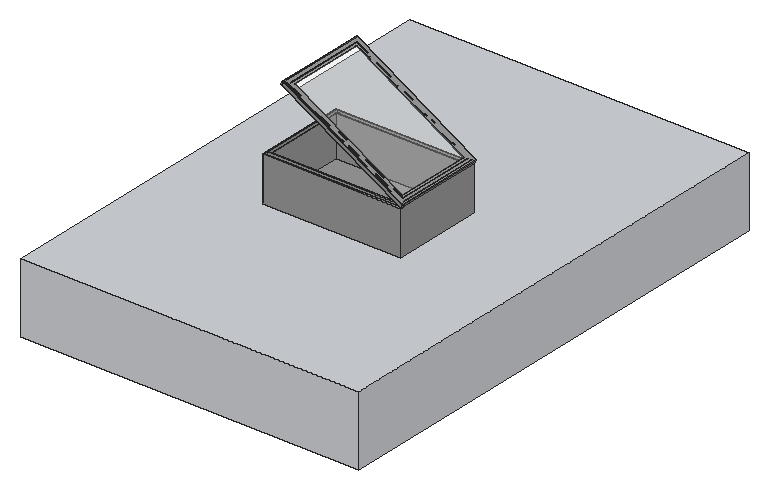
Revit family "Hager-Orion_Inox-IP66-D210-Cl.I-Inox_encl-630A-400mm-CH-fr", category Equipement électrique, Revit 2020
Family settings
  Hôte = Face
  Configuration du panneau = Deux colonnes, circuits au sein
  Cote de connecteur circulaire = Utiliser le diamètre
  Type d'élément = Tableau de raccordement
  Couper avec des vides une fois chargée = Non
  Partagée = Non
  Point de calcul de pièce = Non
Parameters (values of type "saillie IP66 L600 H400 P210  - FL017TWL")
  Width Control [instance] = if([EF000008 - largeur] > Min Width, [EF000008 - largeur], Min Width)  # 600 mm
  Commentaires du type = [HG000003 - Gamme]  # "Orion Inox"
  Thickness Door [instance] = if([EF009171 - épaisseur de matériau de la porte/du couvercle] > 3 mm, 3 mm, [EF009171 - épaisseur de matériau de la porte/du couvercle])  # 1.5 mm
  Seal Frame Offset [instance] = 17 mm  # constant formula
  Model = ""
  Min Width [instance] = 100 mm  # constant formula
  Min Height [instance] = 100 mm  # constant formula
  Min Depth [instance] = (2 * [EF009170 - épaisseur de matériau du boîtier]) + 1 mm  # 4 mm
  Internal Frame Depth [instance] = (Door System Depth * 0.5)  # 9 mm
  Height Control [instance] = if([EF000040 - hauteur] > Min Height, [EF000040 - hauteur], Min Height)  # 400 mm
  HG000027 - Hauteur du socle = 0 mm
  HG000026 - Installation au sol = no
  HG000024 - Hauteur de la section basse = 800 mm
  HG000023 - Armoire double section = no
  HG000016 - Visibilité de la porte 3D [instance] = yes
  HG000015 - Visibilité de l'emprise de la porte [instance] = no
  HG000014 - Porte à droite [instance] = yes
  HG000013 - Porte à gauche [instance] = not([HG000014 - Porte à droite])  # no
  HG000012 - Angle de pivotement de la porte [instance] = 30.00°
  HG000010 - Portes asymétriques = no
  HG000009 - Porte à double battant = no
  HG000006 - Encastré = no
  HG000004 - Référence fabricant = "FL017TWL"
  HG000003 - Gamme = "Orion Inox"
  HG000002 - avec porte = yes
  Frame Offset Bottom [instance] = 10 mm  # constant formula
  Frame Offset [instance] = 15 mm  # constant formula
  EF015940 - couvercle avec décharge de pression = no
  EF011959 - degré de protection (NEMA) = ""
  EF009554 - nombre d'ouvertures pour plaques à bride = 0
  Fabricant = "Hager"  # constant formula
  EF009212 - finition du couvercle = "EV000116 - fermé"
  EF009171 - épaisseur de matériau de la porte/du couvercle = 1.5 mm
  EF009170 - épaisseur de matériau du boîtier = 1.5 mm
  EF008873 - courant nominal (In) = 630 A
  EF007800 - adapté à un parafoudre = no
  EF006306 - avec serrure = yes
  EF006244 - couvercle/porte transparent(e) = yes
  EF005474 - indice de protection (IP) = "EV006422 - IP66"
  EF004464 - type de porte = "EV002646 - unique"
  EF004427 - nombre de modules = 0
  EF004293 - indice de protection contre les chocs (IK) = "EV006814 - IK08"
  EF003532 - convient pour utilisation à l’extérieur = yes
  EF002950 - largeur en nombre de modules = 0
  EF001613 - maintien de fonction = "EV000494 - sans"
  EF001596 - matériau du boîtier/corps = "EV000166 - acier inoxydable"
  EF001131 - profondeur intérieure = 176 mm
  EF001088 - possibilité de montage en saillie = yes
  EF000437 - nombre d'entrées de conduit = 0
  EF000339 - type de capot = "EV004216 - porte"
  EF000266 - nombre de rangées = 0
  EF000218 - profondeur d'encastrement = 0 mm
  EF000118 - avec cadre/support de montage = no
  EF000116 - numéro RAL = ""
  EF000049 - profondeur = 210 mm
  EF000040 - hauteur = 400 mm
  EF000008 - largeur = 600 mm
  EF000007 - couleur = "EV000154 - autre"
  EF000003 - mode de pose = "EV000384 - saillie"
  Door System Leaf Tolerance [instance] = 1.5 mm  # constant formula
  Door System Depth [instance] = 18 mm  # constant formula
  Depth Control [instance] = if([EF000049 - profondeur] > Min Depth, [EF000049 - profondeur], Min Depth)  # 210 mm
  Default Elevation = 0 mm
Types (12, lengths in mm): name | Width Control | HG000004 - Référence fabricant | EF009212 - finition du couvercle | EF006306 - avec serrure | EF006244 - couvercle/porte transparent(e) | EF004293 - indice de protection contre les chocs (IK) | EF001613 - maintien de fonction | EF000008 - largeur
  saillie IP66 L300 H400 P210  - FL015BW | 300 | "FL015BW" | "EV000116 - fermé" | yes | no | "EV008784 - IK10" | "EV000494 - sans" | 300
  saillie IP66 L300 H400 P210  - FL015BWL | 300 | "FL015BWL" | "EV000116 - fermé" | yes | no | "EV008784 - IK10" | "EV000494 - sans" | 300
  saillie IP66 L300 H400 P210  - FL015TW | 300 | "FL015TW" | "EV000116 - fermé" | yes | yes | "EV006814 - IK08" | "EV000494 - sans" | 300
  saillie IP66 L300 H400 P210  - FL015TWL | 300 | "FL015TWL" | "EV000116 - fermé" | yes | yes | "EV006814 - IK08" | "EV000494 - sans" | 300
  saillie IP66 L400 H400 P210  - FL016BW | 400 | "FL016BW" | "EV009916 - avec échancrure" | no | no | "EV008784 - IK10" | "" | 400
  saillie IP66 L400 H400 P210  - FL016BWL | 400 | "FL016BWL" | "EV009916 - avec échancrure" | no | no | "EV008784 - IK10" | "" | 400
  saillie IP66 L400 H400 P210  - FL016TW | 400 | "FL016TW" | "EV000116 - fermé" | yes | yes | "EV006814 - IK08" | "EV000494 - sans" | 400
  saillie IP66 L400 H400 P210  - FL016TWL | 400 | "FL016TWL" | "EV000116 - fermé" | yes | yes | "EV006814 - IK08" | "EV000494 - sans" | 400
  saillie IP66 L600 H400 P210  - FL017BW | 600 | "FL017BW" | "EV000116 - fermé" | yes | no | "EV008784 - IK10" | "EV000494 - sans" | 600
  saillie IP66 L600 H400 P210  - FL017BWL | 600 | "FL017BWL" | "EV000116 - fermé" | yes | no | "EV008784 - IK10" | "EV000494 - sans" | 600
  saillie IP66 L600 H400 P210  - FL017TW | 600 | "FL017TW" | "EV000116 - fermé" | yes | yes | "EV006814 - IK08" | "EV000494 - sans" | 600
  saillie IP66 L600 H400 P210  - FL017TWL | 600 | "FL017TWL" | "EV000116 - fermé" | yes | yes | "EV006814 - IK08" | "EV000494 - sans" | 600
Reference planes
  plane 1 "Center (Front/Back)": y = 0
  plane 2: z = 0
  plane 3 "Center (Left/Right)": x = 0
  plane 4: z = 210
  plane 5: y = 1.5
  plane 6: y = 200
  plane 7: y = 0
  plane 8: y = 400
  plane 9: z = 0
  plane 10: x = -285
  plane 11: x = 285
  plane 12: x = 283.5
  plane 13: x = -283.5
  plane 14: y = 398.5
  plane 15: x = -283
  plane 16: x = -300
  plane 17: x = 283
  plane 18: x = 300
  plane 19: x = 298.5
  plane 20: x = -298.5
  plane 21: y = 11.5
  plane 22: y = 400
  plane 23: y = 383.5
  plane 24: z = 192
  plane 25: z = 1.5
  plane 26: z = 190.5
  plane 27: z = 208.5
Forms (mm)
  Extrusion 1, solid
    sketch origin (0, 0, 0) x (1, 0, 0) y (0, 1, 0)
      loop
        line (-702.964, 1305) -> (-702.964, -811.445) -> (766.763, -811.445) -> (766.763, 1305) -> (-702.964, 1305)
    from 0 to -304.8
  Extrusion 2, solid, material "Hager_Stainless_Steel", detail levels medium+fine
    sketch origin (0, 0, 0) x (1, 0, 0) y (0, 1, 0)
      loop
        line (-300, 0) -> (300, 0) -> (300, 400) -> (-300, 400) -> (-300, 0)
    from 0 to 192
  Extrusion 3, solid, material "Hager_Steel_RAL 7035_Light_Grey", not visible, detail levels medium+fine
    sketch origin (0, 28.16, 50.802) x (0, 1, 0) y (0, 0, 1)
      loop
        line (223.34, -50.802) -> (223.34, 147.698)
        arc (223.34, 147.698) -> (220.411, 154.769) -> (213.34, 157.698) r 10
        line (213.34, 157.698) -> (183.34, 157.698) -> (183.34, -50.802) -> (223.34, -50.802)
    from -298.5 to 298.5
  Extrusion 4, void
    sketch origin (0, 0, 0) x (1, 0, 0) y (0, 1, 0)
      loop
        line (-298.5, 1.5) -> (298.5, 1.5) -> (298.5, 398.5) -> (-298.5, 398.5) -> (-298.5, 1.5)
    from 1.5 to 190.5
  Extrusion 5, void
    sketch origin (-381.607, -4572, 192) x (0, -1, 0) y (-1, 0, 0)
      loop
        line (-4583.5, -98.107) -> (-4955.5, -98.107) -> (-4955.5, -665.107) -> (-4583.5, -665.107) -> (-4583.5, -98.107)
    from 0 to 1.5 <- "EF009170 - épaisseur de matériau du boîtier"
  Extrusion 6, solid, material "Hager_Stainless_Steel", detail levels fine
    sketch origin (-381.607, -4572, 192) x (-1, 0, 0) y (0, -1, 0)
      loop
        line (-98.107, -4583.5) -> (-665.107, -4583.5) -> (-665.107, -4955.5) -> (-98.107, -4955.5) -> (-98.107, -4583.5)
      loop
        line (-97.107, -4582) -> (-666.107, -4582) -> (-666.107, -4957) -> (-97.107, -4957) -> (-97.107, -4582)
    from 0 to 9 <- "Internal Frame Depth"
  Extrusion 7, solid, material "Hager_Stainless_Steel", detail levels coarse
    sketch origin (0, 0, 0) x (1, 0, 0) y (0, 1, 0)
      loop
        line (-300, 0) -> (300, 0) -> (300, 400) -> (-300, 400) -> (-300, 0)
    from 0 to 210
Cuts and joins
  Extrusion 4, Extrusion 5 cuts Extrusion 2
Lines and regions (mm)
  Masking region 1
    outline origin (0, 0, 0) x (1, 0, 0) y (0, 0, 1)
      loop
        line (-300, 210) -> (-300, 0) -> (300, 0) -> (300, 210) -> (-300, 210)
  Masking region 2, detail levels medium+fine
    outline origin (0, 140, 0) x (0, 1, 0) y (0, 0, 1)
      loop
        line (-140, 0) -> (260, 0) -> (260, 192) -> (-140, 192) -> (-140, 0)
  Masking region 3, not visible, detail levels medium+fine
    outline origin (0, 297.922, 0) x (0, 1, 0) y (0, 0, 1)
      loop
        line (-86.422, 0) -> (-46.422, 0) -> (-46.422, 198.5)
        arc (-46.422, 198.5) -> (-49.351, 205.571) -> (-56.422, 208.5) r 10
        line (-56.422, 208.5) -> (-86.422, 208.5) -> (-86.422, 0)
  Masking region 4, detail levels coarse
    outline origin (0, 0, 180) x (0, 1, 0) y (0, 0, 1)
      loop
        line (0, -180) -> (400, -180) -> (400, 30) -> (0, 30) -> (0, -180)
  Masking region 5
    outline origin (-381.607, -4572, 192) x (-1, 0, 0) y (0, -1, 0)
      loop
        line (-81.607, -4972) -> (-81.607, -4572) -> (-681.607, -4572) -> (-681.607, -4972) -> (-81.607, -4972)
Dimensions and locks
  "Depth Control": plane 4 to Extrusion 1
  "EF009170 - épaisseur de matériau du boîtier": plane 5 to plane 7
  locked: connector elem to plane 3 "Center (Left/Right)"
  equal spacing: plane 8, plane 6, plane 7
  locked: connector elem to plane 6
  "EF009170 - épaisseur de matériau du boîtier": plane 8 to plane 14
  "EF009170 - épaisseur de matériau du boîtier": plane 10 to plane 13
  "EF009170 - épaisseur de matériau du boîtier": plane 12 to plane 11
  "Frame Offset": plane 20 to plane 13
  "Frame Offset": plane 12 to plane 19
  "EF009170 - épaisseur de matériau du boîtier": plane 16 to plane 20
  "EF009170 - épaisseur de matériau du boîtier": plane 19 to plane 18
  "Seal Frame Offset": plane 16 to plane 15
  "Seal Frame Offset": plane 17 to plane 18
  "Frame Offset Bottom": plane 21 to plane 5
  "Frame Offset": plane 14 to plane 23
  equal spacing: plane 16, plane 3 "Center (Left/Right)", plane 18
  "Width Control": plane 16 to plane 18
  "EF009170 - épaisseur de matériau du boîtier": plane 4 to plane 27
  "EF009170 - épaisseur de matériau du boîtier": plane 24 to plane 26
  "EF009170 - épaisseur de matériau du boîtier": plane 25 to level
  "Door System Depth": plane 4 to plane 24
  "Height Control": plane 1 "Center (Front/Back)" to Extrusion 7 sketch curve
  "Height Control": Masking region 4 sketch curve to plane 1 "Center (Front/Back)"
  "Thickness Door": Extrusion 6 sketch curve to plane 15
  "Thickness Door": plane 21 to Extrusion 6 sketch curve
  "Thickness Door": plane 17 to Extrusion 6 sketch curve
  "Thickness Door": Extrusion 6 sketch curve to plane 23
  "Height Control": plane 1 "Center (Front/Back)" to plane 22
  radius of Masking region 3 sketch curve = 10 mm
  radius of Extrusion 3 sketch curve = 10 mm
  aligned and locked: plane 2 to Extrusion 1
  aligned and locked: level to Extrusion 1
  aligned and locked: level to Masking region 1 sketch curve
  aligned and locked: Masking region 1 sketch curve to plane 18
  aligned and locked: Masking region 1 sketch curve to plane 16
  aligned and locked: plane 7 to Masking region 2 sketch curve
  aligned and locked: level to Masking region 3 sketch curve
  aligned and locked: Masking region 3 sketch curve to plane 27
  aligned and locked: level to Masking region 2 sketch curve
  aligned and locked: Extrusion 2 sketch curve to plane 7
  aligned and locked: plane 16 to Extrusion 2 sketch curve
  aligned and locked: plane 18 to Extrusion 2 sketch curve
  aligned and locked: Extrusion 3 sketch curve to level
  aligned and locked: plane 27 to Extrusion 3 sketch curve
  aligned and locked: plane 20 to Extrusion 3
  aligned and locked: plane 19 to Extrusion 3
  aligned and locked: plane 20 to Extrusion 4 sketch curve
  aligned and locked: plane 19 to Extrusion 4 sketch curve
  aligned and locked: Extrusion 4 sketch curve to plane 5
  aligned and locked: Extrusion 4 to plane 25
  aligned and locked: plane 26 to Extrusion 4
  aligned and locked: plane 24 to Extrusion 2
  aligned and locked: Extrusion 5 sketch curve to plane 21
  aligned and locked: Extrusion 5 sketch curve to plane 13
  aligned and locked: Extrusion 5 sketch curve to plane 12
  aligned and locked: plane 18 to Extrusion 7 sketch curve
  aligned and locked: plane 1 "Center (Front/Back)" to Extrusion 7 sketch curve
  aligned and locked: plane 16 to Extrusion 7 sketch curve
  aligned and locked: plane 4 to Extrusion 7
  aligned and locked: Extrusion 7 to level
  aligned and locked: level to Masking region 4 sketch curve
  aligned and locked: Masking region 4 sketch curve to plane 1 "Center (Front/Back)"
  aligned and locked: Masking region 4 sketch curve to plane 4
  aligned and locked: nested 1 to level
  aligned and locked: nested 1 to plane 16
  aligned and locked: plane 8 to Extrusion 2 sketch curve
  aligned and locked: plane 23 to Extrusion 5 sketch curve
  aligned and locked: plane 14 to Extrusion 4 sketch curve
  aligned and locked: Extrusion 6 sketch curve to plane 21
  aligned and locked: plane 13 to Extrusion 6 sketch curve
  aligned and locked: plane 23 to Extrusion 6 sketch curve
  aligned and locked: plane 12 to Extrusion 6 sketch curve
  aligned and locked: Masking region 2 sketch curve to plane 8
  aligned and locked: Masking region 2 sketch curve to plane 24
  aligned and locked: nested 2 to plane 3 "Center (Left/Right)"
  aligned and locked: nested 2 to plane 24
  aligned and locked: Masking region 5 sketch curve to plane 1 "Center (Front/Back)"
  aligned and locked: Masking region 5 sketch curve to plane 18
  aligned and locked: Masking region 5 sketch curve to plane 22
  aligned and locked: Masking region 5 sketch curve to plane 16
  aligned and locked: plane 8 to plane 22
  aligned and locked: plane 7 to plane 1 "Center (Front/Back)"
  aligned and locked: nested 2 to plane 1 "Center (Front/Back)"
Automatic sketch dimensions
  Extrusion 1 sketch curve to Extrusion 1 sketch curve = 1469.727 mm
  Extrusion 1 sketch curve to Extrusion 1 sketch curve = 2116.445 mm
  plane 6 to Masking region 3 sketch curve = 11.5 mm
  Masking region 3 sketch curve to Masking region 3 sketch curve = 30 mm
  plane 6 to Extrusion 3 sketch curve = 11.5 mm
  Extrusion 3 sketch curve to Extrusion 3 sketch curve = 30 mm
  Masking region 1 sketch curve to plane 4 = 0 mm
Nested families
  nested 1: "Hager_Enclosure_Symbol" at (-300, 0, 0) x (1, 0, 0) z (0, -1, 0), Height <- "Depth Control", Width <- "Width Control", type "Hager_Enclosure_Symbol"
    with Width_Ctrl 600 mm, Width 600 mm, Height_Ctrl 210 mm, Height 210 mm, A_Width_Int 13.781 mm, A_Width 165.375 mm, A_Height_Ctrl 183.75 mm, A_Height 183.75 mm
  nested 2: "EC000058_OrionInox_Door" at (0, 400, 192) x (1, 0, 0) z (0, -1, 0), Leaf_Tolerance <- "Door System Leaf Tolerance", Angle <- "HG000012 - Angle de pivotement de la porte", Door_Depth <- "Door System Depth", Door_Left <- "HG000013 - Porte à gauche", Transparent <- "EF006244 - couvercle/porte transparent(e)", Assymetrical <- "HG000010 - Portes asymétriques", Width <- "Width Control", Clearance <- "HG000015 - Visibilité de l'emprise de la porte", Double <- "HG000009 - Porte à double battant", 3d_Door <- "HG000016 - Visibilité de la porte 3D", Width_Ctrl <- "Width Control", Door_Right <- "HG000014 - Porte à droite", Door <- "HG000002 - avec porte", Height <- "Height Control", Thickness <- "Thickness Door", type "EC000058_OrionInox_Door", detail levels medium+fine
    with min_wh 4 mm, Width_Ctrl 600 mm, Width 600 mm, Transparent yes, Thickness 1.5 mm, Seal_Material Hager_Rubber, Leaf_Width 600 mm, Leaf_Tolerance_External_Sides 0 mm, Leaf_Tolerance 1.5 mm, Leaf_Offset 0 mm, Leaf_Height 397 mm, Leaf_2_Width 600 mm, Leaf_2_Offset 300 mm, Leaf_1_Width 600 mm, Leaf_1_Offset 300 mm, Height_Ctrl 400 mm, Height 400 mm, Glass_Material Hager_Glass, Double_Clearance_Ctrl no, Double no, Door_Right_Ctrl yes, Door_Right yes, Door_Material Hager_Stainless_Steel, Door_Left_Ctrl no, Door_Left no, Door_Depth 18 mm, Door yes, Clearance_Material Hager_Clearance, Clearance_Depth 600 mm, Clearance_Ctrl no, Clearance no, Assymetrical no, Angle 30.00°, 3d_Door yes
Connectors
  electrical at (0, 200, 0)
    settings: on plane 9, index 1, voltage 0 V, apparent load 0 VA, apparent load phase1 0 VA, apparent load phase2 0 VA, apparent load phase3 0 VA, power factor 1, load classification "Other", number of poles 1, system type 30, power factor state 1, is connector primary yes, connector utility no, sub classification motor no, connector description ""
Definition of nested family "EC000058_OrionInox_Door"
  Parameters (values of type "EC000058_OrionInox_Door")
    min_wh [instance] = (2 * Thickness) + 1 mm  # 11 mm
    Width_Ctrl [instance] = 400 mm
    Width [instance] = 500 mm
    Transparent [instance] = yes
    Thickness [instance] = 5 mm
    Seal_Material [instance] = none
    Leaf_Width [instance] = if((Width_Ctrl - 2 * Leaf_Tolerance_External_Sides) > 0 mm, (Width_Ctrl - 2 * Leaf_Tolerance_External_Sides), min_wh)  # 400 mm
    Leaf_Tolerance_External_Sides [instance] = 0 mm  # constant formula
    Leaf_Tolerance [instance] = 1.5 mm
    Leaf_Offset [instance] = 0 mm  # constant formula
    Leaf_Height [instance] = if((Height_Ctrl - 2 * Leaf_Tolerance) > 0 mm, (Height_Ctrl - 2 * Leaf_Tolerance), min_wh)  # 497 mm
    Leaf_2_Width [instance] = if(and(and(Double, Assymetrical), Door_Left), (Leaf_Width / 3) - (Leaf_Tolerance / 2), if(and(and(Double, Assymetrical), Door_Right), (Leaf_Width / 3) * 2 - (Leaf_Tolerance / 2), if(and(Double, not(Assymetrical)), (Leaf_Width / 2) - Leaf_Tolerance, Leaf_Width)))  # 400 mm
    Leaf_2_Offset [instance] = if(and(Double, Assymetrical), Leaf_2_Width / 2, if(and(Double, not(Assymetrical)), Leaf_Width / 4, Leaf_Width / 2))  # 200 mm
    Leaf_1_Width [instance] = if(and(and(Double, Assymetrical), Door_Right), (Leaf_Width / 3) - (Leaf_Tolerance / 2), if(and(and(Double, Assymetrical), Door_Left), (Width / 3) * 2 - (Leaf_Tolerance / 2), if(and(Double, not(Assymetrical)), (Leaf_Width / 2) - Leaf_Tolerance, Leaf_Width)))  # 400 mm
    Leaf_1_Offset [instance] = if(and(Double, Assymetrical), Leaf_1_Width / 2, if(and(Double, not(Assymetrical)), Leaf_Width / 4, Leaf_Width / 2))  # 200 mm
    Height_Ctrl [instance] = if(Height > min_wh, Height, min_wh)  # 500 mm
    Height [instance] = 500 mm
    Glass_Material [instance] = none
    Double_Clearance_Ctrl [instance] = and(Double, Clearance)  # no
    Double [instance] = no
    Door_Right_Ctrl [instance] = and(or(Door_Right, Double), Door)  # yes
    Door_Right [instance] = yes
    Door_Material [instance] = none
    Door_Left_Ctrl [instance] = and(or(Door_Left, Double), Door)  # no
    Door_Left [instance] = no
    Door_Depth [instance] = 30 mm
    Door [instance] = yes
    Default Elevation = 1219.2 mm
    Clearance_Material [instance] = none
    Clearance_Depth [instance] = if(Leaf_1_Width > Leaf_2_Width, Leaf_1_Width, Leaf_2_Width)  # 400 mm
    Clearance_Ctrl [instance] = and(not(Double), Clearance)  # yes
    Clearance [instance] = yes
    Assymetrical [instance] = yes
    Angle [instance] = 30.00°
    3d_Door [instance] = yes
  Reference planes
    plane 1 "Center (Front/Back)": y = 0
    plane 2 "Bottom": z = 0
    plane 3 "Center (Left/Right)": x = 0
    plane 4: z = 500
    plane 5: x = -200
    plane 6: x = 200
    plane 7: z = 500
    plane 8: x = -200
    plane 9: z = 0
    plane 10: x = 200
    plane 11: y = 0
    plane 12: z = 1.5
    plane 13: x = -600
    plane 14: y = -400
    plane 15: x = 600
    plane 16: x = 0
    plane 17: x = 0
    plane 18: x = -200
    plane 19: x = 200
    plane 20: z = 498.5
  Forms (mm)
    Extrusion 1, solid, material <- "Clearance_Material", visible <- "Double_Clearance_Ctrl"
      sketch origin (1200, 0, 0) x (1, 0, 0) y (0, 0, -1)
        loop
          line (-1800, -498.5) -> (-600, -498.5) -> (-600, 0) -> (-1800, 0) -> (-1800, -498.5)
      from 0 to -400
  Dimensions and locks
    equal spacing: plane 5, plane 3 "Center (Left/Right)", plane 6
    "Width_Ctrl": plane 5 to plane 6
    "Leaf_Offset": plane 5 to plane 8
    "Leaf_Offset": plane 6 to plane 10
    "Leaf_Offset": plane 9 to level
    "Leaf_Offset": plane 4 to plane 7
    "Height_Ctrl": plane 4 to level
    "Leaf_Tolerance": plane 12 to plane 9
    locked: plane 11 to plane 1 "Center (Front/Back)"
    "Leaf_1_Offset": plane 18 to plane 16
    "Leaf_2_Offset": plane 17 to plane 19
    "Leaf_1_Width": plane 13 to plane 8
    "Leaf_2_Width": plane 10 to plane 15
    "Clearance_Depth": plane 14 to plane 1 "Center (Front/Back)"
    "Leaf_Tolerance_External_Sides": plane 8 to plane 18
    "Leaf_Tolerance_External_Sides": plane 19 to plane 10
    "Leaf_Tolerance": plane 7 to plane 20
    aligned and locked: level to plane 2 "Bottom"
    aligned and locked: nested 1 to plane 16
    aligned and locked: nested 2 to plane 17
    aligned and locked: Extrusion 1 to plane 13
    aligned and locked: plane 15 to Extrusion 1
    aligned and locked: Extrusion 1 to plane 14
    aligned and locked: plane 12 to nested 1
    aligned and locked: nested 2 to plane 12
    aligned and locked: Extrusion 1 to plane 11
    aligned and locked: plane 20 to Extrusion 1
    aligned and locked: nested 2 to plane 11
    aligned and locked: nested 1 to plane 11
  Automatic sketch dimensions
    Extrusion 1 sketch curve to level = 0 mm
    plane 5 to Extrusion 1 sketch curve = 400 mm
    plane 6 to Extrusion 1 sketch curve = 400 mm
    Extrusion 1 sketch curve to plane 4 = 1.5 mm
  Nested families
    nested 1: "EC000058_OrionInox_Door_Leaf" at (0, 0, 1.5), Width <- "Leaf_1_Width", visible <- "Door_Left_Ctrl", Leaf_Height <- "Leaf_Height", Angle <- "Angle", 3d_Door <- "3d_Door", Transparent <- "Transparent", Clearance Material <- "Clearance_Material", Clearance <- "Clearance_Ctrl", Door_Material <- "Door_Material", Glass_Material <- "Glass_Material", Door_Depth <- "Door_Depth", Seal_Material <- "Seal_Material", Thickness <- "Thickness", type "EC000058_OrionInox_Door_Leaf"
      with Width 400 mm, Transparent_Ctrl yes, Transparent yes, Thickness 5 mm, Standard no, Seal_Material none, Seal_D2 8 mm, Seal_D1 1 mm, Offset_Internal_Frame 10 mm, Lock_Width 28 mm, Lock_Thickness 2 mm, Lock_Radius 6 mm, Leaf_Height 497 mm, Internal_Seal_Thickness 8 mm, Internal_Seal_Depth_2 4.5 mm, Internal_Frame_Depth 25 mm, Glass_Thickness -1 mm, Glass_Offset -2 mm, Glass_Material none, Door_Material none, Door_Depth 30 mm, Clearance Material none, Clearance yes, Angle_Ctrl 30.00°, Angle 30.00°, 3d_Door yes
    nested 2: "EC000058_OrionInox_Door_Leaf" at (0, 0, 1.5) x (-1, 0, 0) z (0, 0, 1), Width <- "Leaf_2_Width", visible <- "Door_Right_Ctrl", Leaf_Height <- "Leaf_Height", Angle <- "Angle", 3d_Door <- "3d_Door", Transparent <- "Transparent", Clearance Material <- "Clearance_Material", Clearance <- "Clearance_Ctrl", Door_Material <- "Door_Material", Glass_Material <- "Glass_Material", Door_Depth <- "Door_Depth", Seal_Material <- "Seal_Material", Thickness <- "Thickness", type "EC000058_OrionInox_Door_Leaf"
      with Width 400 mm, Transparent_Ctrl yes, Transparent yes, Thickness 5 mm, Standard no, Seal_Material none, Seal_D2 8 mm, Seal_D1 1 mm, Offset_Internal_Frame 10 mm, Lock_Width 28 mm, Lock_Thickness 2 mm, Lock_Radius 6 mm, Leaf_Height 497 mm, Internal_Seal_Thickness 8 mm, Internal_Seal_Depth_2 4.5 mm, Internal_Frame_Depth 25 mm, Glass_Thickness -1 mm, Glass_Offset -2 mm, Glass_Material none, Door_Material none, Door_Depth 30 mm, Clearance Material none, Clearance yes, Angle_Ctrl 30.00°, Angle 30.00°, 3d_Door yes
  Definition of nested family "EC000058_OrionInox_Door_Leaf"
    Parameters (values of type "EC000058_OrionInox_Door_Leaf")
      Width [instance] = 450 mm
      Transparent_Ctrl [instance] = and(Transparent, [3d_Door])  # yes
      Transparent [instance] = yes
      Thickness [instance] = 5 mm
      Standard [instance] = and(not(Transparent), [3d_Door])  # no
      Seal_Material [instance] = none
      Seal_D2 [instance] = 8 mm  # constant formula
      Seal_D1 [instance] = 1 mm  # constant formula
      Offset_Internal_Frame [instance] = 10 mm  # constant formula
      Lock_Width [instance] = Door_Depth - Lock_Thickness  # 28 mm
      Lock_Thickness [instance] = 2 mm  # constant formula
      Lock_Radius [instance] = 6 mm  # constant formula
      Leaf_Height [instance] = 450 mm
      Internal_Seal_Thickness [instance] = 8 mm  # constant formula
      Internal_Seal_Depth_2 [instance] = 4.5 mm  # constant formula
      Internal_Frame_Depth [instance] = if(Door_Depth - Thickness > 5 mm, Door_Depth - Thickness, 5 mm)  # 25 mm
      Glass_Thickness [instance] = if(Thickness > 15 mm, Glass_Offset + 10 mm, -1 mm)  # -1 mm
      Glass_Offset [instance] = if(Thickness > 15 mm, -(Thickness + 10 mm) / 2, -2 mm)  # -2 mm
      Glass_Material [instance] = none
      Door_Material [instance] = none
      Door_Depth [instance] = 30 mm
      Default Elevation = 0 mm
      Clearance Material [instance] = none
      Clearance [instance] = yes
      Angle_Ctrl [instance] = if(Angle > 180.00°, 180.00°, Angle)  # 90.00°
      Angle [instance] = 90.00°
      3d_Door [instance] = yes
    Reference planes
      plane 1 "Center (Front/Back)": y = 0
      plane 2: z = 0
      plane 3 "Center (Left/Right)": x = 0
      plane 4: y = 450
      plane 5: x = -225
      plane 6: x = 225
      plane 7: x = -675
      plane 8: z = 450
      plane 9: z = 30
      plane 10: z = 420
      plane 11: x = 195
      plane 12: x = -195
      plane 13: y = -3
      plane 14: z = 107.833
      plane 15: y = -5
      plane 16: y = -223.314
      plane 17: x = -225
      plane 18: y = 30
    Forms (mm)
      Extrusion 1, solid, material <- "Clearance Material", visible <- "Clearance"
        sketch origin (0, 0, 0) x (1, 0, 0) y (0, 0, 1)
          loop
            line (-675, 450) -> (-675, 0) -> (225, 0) -> (225, 450) -> (-675, 450)
        from 0 to -450
      Extrusion 2, solid, material <- "Door_Material", visible <- "Standard", detail levels medium+fine
        sketch origin (-225, 0, 0) x (0, 1, 0) y (-1, 0, 0)
          loop
            line (0, 30) -> (0, 25) -> (450, 25) -> (450, 30) -> (0, 30)
        from 0 to 450 <- "Leaf_Height"
      Extrusion 3, solid, material <- "Door_Material", visible <- "Transparent_Ctrl", detail levels medium+fine
        sketch origin (-225, 0, 0) x (0, 1, 0) y (-1, 0, 0)
          loop
            line (0, 25) -> (450, 25) -> (450, 30) -> (0, 30) -> (0, 25)
        from 0 to 450 <- "Leaf_Height"
      Extrusion 4, void
        sketch origin (-250, 450, 0) x (0, 1, 0) y (0, 0, -1)
          loop
            line (-30, -420) -> (-30, -30) -> (-420, -30) -> (-420, -420) -> (-30, -420)
        from 0 to 5 <- "Thickness"
      Sweep 5, solid, material <- "Seal_Material", visible <- "Transparent_Ctrl", detail levels fine
        path in 3D
          loop
            line (-250, 30, 30) -> (-250, 30, 420) -> (-250, 420, 420) -> (-250, 420, 30) -> (-250, 30, 30)
        profile origin (-250, 225, 30) x (1, 0, 0) y (0, 0, 1)
          loop
            line (0, 0) -> (0, -8) -> (1, -8) -> (1, 0) -> (0, 0)
      Extrusion 6, solid, material <- "Glass_Material", visible <- "Transparent_Ctrl", detail levels medium+fine
        sketch origin (-255, 0, 0) x (0, 1, 0) y (0, 0, -1)
          loop
            line (420, -420) -> (420, -30) -> (30, -30) -> (30, -420) -> (420, -420)
        from -2 <- "Glass_Offset" to -1 <- "Glass_Thickness"
      Extrusion 7, solid, material <- "Door_Material", visible <- "3d_Door", detail levels medium+fine
        sketch origin (-250, 450, 0) x (0, -1, 0) y (0, 0, -1)
          loop
            line (0, -450) -> (450, -450) -> (450, 0) -> (0, 0) -> (0, -450)
          loop
            line (445, -5) -> (5, -5) -> (5, -445) -> (445, -445) -> (445, -5)
        from 0 to 25 <- "Internal_Frame_Depth"
      Sweep 8, solid, material <- "Seal_Material", visible <- "Transparent_Ctrl", detail levels fine
        path in 3D
          loop
            line (-250, 0, 0) -> (-250, 450, 0) -> (-250, 450, 450) -> (-250, 0, 450) -> (-250, 0, 0)
        profile origin (-250, 0, 225) x (1, 0, 0) y (0, 1, 0)
          loop
            line (0, 10) -> (2.975, 10)
            arc (2.975, 10) -> (4.053, 10.447) -> (4.5, 11.525) r 1.525
            line (4.5, 11.525) -> (4.5, 16.527)
            arc (4.5, 16.527) -> (4.069, 17.569) -> (3.027, 18) r 1.473
            line (3.027, 18) -> (0, 18) -> (0, 10)
    Cuts and joins
      Extrusion 4 cuts Extrusion 3
    Lines and regions (mm)
      Masking region 1, detail levels medium+fine
        outline origin (0, 0, 0) x (0, 1, 0) y (0, 0, 1)
          loop
            line (0, 0) -> (30, 0) -> (30, 450) -> (0, 450) -> (0, 0)
      Masking region 2, detail levels medium+fine
        outline origin (0, 0, 0) x (1, 0, 0) y (0, 0, 1)
          loop
            line (-225, 450) -> (-225, 0) -> (225, 0) -> (225, 450) -> (-225, 450)
      symbolic lines
        curve 1: line (225, 0, 0) -> (-675, 0, 0)
        curve 2: arc (225, 0, 0) -> (-225, 450, 0) -> (-675, 0, 0) r 450
        curve 4: line (-255, 0, 0) -> (-255, 450, 0)
      reference lines
        curve 3: line (-225, 0, 0) -> (-225, 450, 0)
      symbolic lines, detail levels medium+fine
        curve 5: line (-255, 450, 0) -> (-250, 450, 0)
        curve 7: line (-250, 0, 0) -> (-255, 0, 0)
        curve 8: line (-250, 0, 0) -> (-225, 0, 0)
        curve 9: line (-225, 0, 0) -> (-225, 450, 0)
        curve 10: line (-225, 450, 0) -> (-250, 450, 0)
      symbolic lines, detail levels fine
        curve 6: line (-250, 450, 0) -> (-250, 0, 0)
      sketch lines
        curve 11: line (-250, 0, 450) -> (-250, 0, 0)
        curve 12: line (-250, 450, 0) -> (-250, 0, 0)
        curve 13: line (-250, 450, 450) -> (-250, 450, 0)
        curve 14: line (-250, 0, 450) -> (-250, 450, 450)
        curve 15: line (-250, 420, 30) -> (-250, 30, 30)
        curve 16: line (-250, 30, 30) -> (-250, 30, 420)
        curve 17: line (-250, 420, 420) -> (-250, 420, 30)
        curve 18: line (-250, 30, 420) -> (-250, 420, 420)
      symbolic lines, visible <- "Transparent", detail levels medium+fine
        curve 19: line (-195, 0, 420) -> (195, 0, 420)
        curve 20: line (-195, 0, 30) -> (-195, 0, 420)
        curve 21: line (195, 0, 30) -> (-195, 0, 30)
        curve 22: line (195, 0, 420) -> (195, 0, 30)
    Dimensions and locks
      "Width": plane 1 "Center (Front/Back)" to plane 4
      equal spacing: plane 5, plane 3 "Center (Left/Right)", plane 6
      "Width": plane 5 to plane 6
      "Width": plane 7 to plane 5
      "Leaf_Height": plane 8 to level
      "Width": curve 5 to curve 3
      "Width": curve 3 to curve 3
      plane 8 to plane 10 = 30 mm
      plane 9 to level = 30 mm
      plane 12 to plane 5 = 30 mm
      plane 6 to plane 11 = 30 mm
      Extrusion 4 sketch curve to Extrusion 3 = 30 mm
      Extrusion 3 to Extrusion 4 sketch curve = 30 mm
      Extrusion 1 to Extrusion 4 sketch curve = 30 mm
      curve 3 to Extrusion 4 sketch curve = 30 mm
      Extrusion 4 sketch curve to cut or joined group of Extrusion 3, Extrusion 4 = 30 mm
      cut or joined group of Extrusion 3, Extrusion 4 to Extrusion 6 sketch curve = 30 mm
      cut or joined group of Extrusion 3, Extrusion 4 to Extrusion 4 sketch curve = 30 mm
      "Thickness": curve 6 to curve 4
      "Thickness": Extrusion 7 sketch curve to Extrusion 7 sketch curve  (x4)
      "Door_Depth": curve 4 to curve 3
      "Offset_Internal_Frame": profile plane to Sweep 8 sketch curve
      "Internal_Seal_Thickness": Sweep 8 sketch curve to Sweep 8 sketch curve
      "Internal_Seal_Depth_2": profile plane to Sweep 8 sketch curve
      "Seal_D1": profile plane to Sweep 5 sketch curve
      "Seal_D2": profile plane to Sweep 5 sketch curve
      "Thickness": Extrusion 2 sketch curve to Extrusion 2 sketch curve
      "Door_Depth": plane 18 to plane 1 "Center (Front/Back)"
      radius of Sweep 8 sketch curve = 1.525 mm
      radius of Sweep 8 sketch curve = 1.473 mm
      "Angle_Ctrl": angle plane 1 "Center (Front/Back)" to curve 3
      aligned and locked: level to plane 2
      aligned and locked: Extrusion 1 to curve 1
      aligned and locked: plane 6 to Extrusion 1
      aligned and locked: plane 1 "Center (Front/Back)" to Extrusion 1
      aligned and locked: plane 4 to Extrusion 1
      aligned and locked: plane 8 to Extrusion 1
      aligned and locked: curve 7 to Extrusion 2 sketch curve
      aligned and locked: curve 5 to Extrusion 2 sketch curve
      aligned and locked: curve 7 to Extrusion 3 sketch curve
      aligned and locked: Extrusion 3 sketch curve to curve 4
      aligned and locked: Extrusion 3 sketch curve to curve 6
      aligned and locked: Extrusion 3 sketch curve to curve 5
      aligned and locked: curve 9 to curve 3
      aligned and locked: Extrusion 7 sketch curve to cut or joined group of Extrusion 3, Extrusion 4  (x4)
      aligned and locked: plane 17 to curve 3
      aligned and locked: plane 1 "Center (Front/Back)" to curve 3
      aligned and locked: plane 17 to plane 5
      aligned and locked: Sweep 8 sketch curve to profile plane
      aligned and locked: Sweep 5 sketch curve to profile plane  (x2)
      aligned and locked: plane 1 "Center (Front/Back)" to Masking region 1 sketch curve
      aligned and locked: plane 18 to Masking region 1 sketch curve
      aligned and locked: level to Masking region 1 sketch curve
      aligned and locked: Masking region 1 sketch curve to plane 8
      aligned and locked: plane 17 to Masking region 2 sketch curve
      aligned and locked: level to Masking region 2 sketch curve
      aligned and locked: Masking region 2 sketch curve to plane 8
      aligned and locked: plane 12 to curve 20
      aligned and locked: plane 10 to curve 19
      aligned and locked: plane 11 to curve 22
      aligned and locked: plane 9 to curve 21
      aligned and locked: Extrusion 2 sketch curve to cut or joined group of Extrusion 3, Extrusion 4
    Automatic sketch dimensions
      plane 1 "Center (Front/Back)" to curve 2 = 0 mm
      curve 2 to plane 5 = 0 mm
      Extrusion 1 sketch curve to level = 0 mm
      Extrusion 1 sketch curve to plane 7 = 0 mm
      Extrusion 1 sketch curve to plane 6 = 0 mm
      Extrusion 1 sketch curve to plane 8 = 0 mm
      Extrusion 3 to Extrusion 6 sketch curve = 30 mm  (x4)
      Masking region 2 sketch curve to plane 6 = 0 mm
      curve 4 to curve 3 = 0 mm
Definition of nested family "Hager_Enclosure_Symbol"
  Parameters (values of type "Hager_Enclosure_Symbol")
    Width_Ctrl [instance] = if(Width > 1 mm, Width, 1 mm)  # 102.27 mm
    Width [instance] = 102.27 mm
    Height_Ctrl [instance] = if(Height > 1 mm, Height, 1 mm)  # 66.5 mm
    A_Width_Int [instance] = if(A_Width / 12 > 2 mm, A_Width / 12, 2 mm)  # 4.364 mm
    A_Width [instance] = if(A_Height_Ctrl * 0.9 > 2 mm, A_Height_Ctrl * 0.9, 2 mm)  # 52.369 mm
    A_Height_Ctrl [instance] = if(A_Height > 2 mm, A_Height, 2 mm)  # 58.188 mm
    Height [instance] = 66.5 mm
    A_Height [instance] = Height - (Height / 8)  # 58.188 mm
  Reference planes
    plane 1 "Centre (avant/arrière)": y = 0
    plane 2: z = 0
    plane 3 "Centre (gauche/droite)": x = 0
    plane 4: x = 52.369
    plane 5: y = 33.042
    plane 6: y = 41.77
    plane 7: y = 66.5
    plane 8: x = 26.184
    plane 9: y = 37.406
    plane 10: x = 102.27
    plane 11: y = 66.5
    plane 12: y = 8.313
  Lines and regions (mm)
    Filled region 1, type "Solid_Black", in view "Niveau de réf."
      outline origin (0, 0, 0) x (1, 0, 0) y (0, 1, 0)
        loop
          line (52.369, 66.5) -> (33.188, 54.536) -> (45.365, 45.006) -> (52.369, 66.5)
    Filled region 2, type "Solid_Black", in view "Niveau de réf."
      outline origin (0, 0, 0) x (1, 0, 0) y (0, 1, 0)
        loop
          line (0, 0) -> (102.27, 0) -> (102.27, 66.5) -> (0, 0)
    detail lines, in view "Niveau de réf."
      curve 1: line (0, 8.313, 0) -> (26.184, 41.77, 0)
      curve 2: line (26.184, 41.77, 0) -> (26.184, 33.042, 0)
      curve 3: line (26.184, 33.042, 0) -> (52.369, 66.5, 0)
  Dimensions and locks
    "A_Width": plane 3 "Centre (gauche/droite)" to plane 4
    equal spacing: plane 3 "Centre (gauche/droite)", plane 8, plane 4
    equal spacing: plane 6, plane 9, plane 5
    equal spacing: curve 3, Filled region 1 sketch curve, Filled region 1 sketch curve
    "Height_Ctrl": plane 1 "Centre (avant/arrière)" to plane 11
    "A_Height_Ctrl": plane 11 to plane 12
    equal spacing: plane 11, plane 9, plane 12
    "A_Width_Int": plane 6 to plane 9
    "Width_Ctrl": plane 3 "Centre (gauche/droite)" to plane 10
    angle Filled region 1 sketch curve to curve 3 = 20.00°
    angle curve 3 to Filled region 1 sketch curve = 20.00°
    locked: curve 3 to Filled region 1 sketch curve (angle 90.00°)
    aligned and locked: plane 10 to Filled region 2
    aligned and locked: plane 11 to Filled region 2 sketch curve
    aligned and locked: plane 10 to Filled region 2 sketch curve
    aligned and locked: plane 3 "Centre (gauche/droite)" to curve 1
    aligned and locked: plane 12 to curve 1
    aligned and locked: plane 7 to plane 11
  Automatic sketch dimensions
    Filled region 1 sketch curve to plane 4 = 0 mm
    Filled region 1 sketch curve to plane 7 = 0 mm
    plane 1 "Centre (avant/arrière)" to Filled region 2 sketch curve = 0 mm
    Filled region 2 sketch curve to plane 3 "Centre (gauche/droite)" = 0 mm
    curve 2 to plane 6 = 0 mm
    curve 2 to plane 8 = 0 mm
    curve 3 to plane 4 = 0 mm
    curve 2 to plane 5 = 0 mm
    curve 3 to plane 7 = 0 mm
